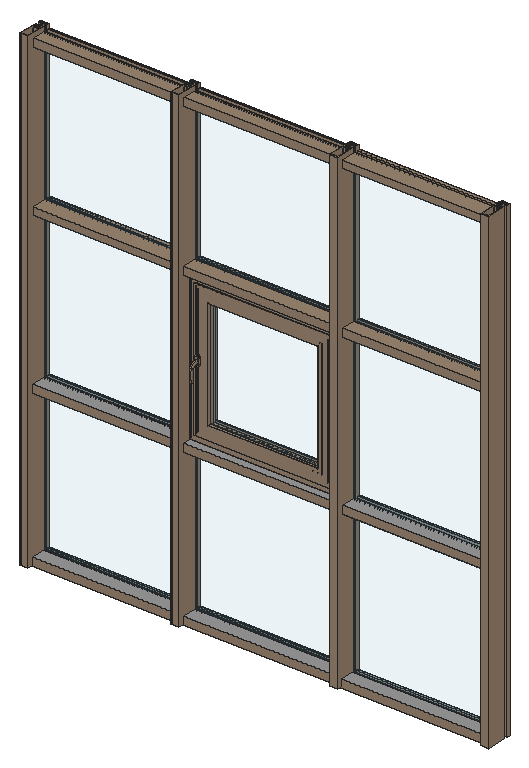
Revit family "2_Витраж со встраиваемым окном_F50", category Двери, Revit 2019 (continued)
Definition of nested family "СТВОРКА V72"
  Dimensions and locks
    aligned and locked: nested 2 to plane 6
    aligned and locked: plane 7 to nested 4
    aligned and locked: plane 2 "Bottom" to Extrusion 1
    aligned and locked: Sweep 2 sketch curve to plane 12
    aligned and locked: Sweep 2 sketch curve to Extrusion 1
  Automatic sketch dimensions
    plane 8 to curve 6 = 17.00 mm
    plane 8 to curve 5 = 17.00 mm
    plane 8 to curve 4 = 17.00 mm
    curve 8 to plane 9 = 17.00 mm
    curve 5 to plane 9 = 17.00 mm
    curve 3 to plane 9 = 17.00 mm
    plane 13 to curve 10 = 17.00 mm
    plane 13 to curve 5 = 17.00 mm
    plane 13 to curve 4 = 17.00 mm
    curve 8 to plane 12 = 17.00 mm
    curve 9 to plane 12 = 17.00 mm
    curve 3 to plane 12 = 17.00 mm
    Extrusion 1 sketch curve to plane 3 "Left" = 0.00 mm
    Extrusion 1 sketch curve to plane 5 "Top" = 0.00 mm
    level to Extrusion 1 sketch curve = 0.00 mm
    plane 4 "Right" to Extrusion 1 sketch curve = 0.00 mm
  Nested families
    nested 1: "Ручка" at (300, -81, 877) x (1, 0, 0) z (0, -1, 0), visible <- "Ручка.Сверху", type "Ручка"
    nested 2: "Ручка" at (23, -81, 450) x (0, 0, -1) z (0, -1, 0), visible <- "Ручка.Слева", type "Ручка"
    nested 3: "Ручка" at (577, -81, 450) x (0, 0, -1) z (0, -1, 0), visible <- "Ручка.Справа", type "Ручка"
    nested 4: "Ручка" at (300, -81, 23) x (1, 0, 0) z (0, -1, 0), visible <- "Ручка.Снизу", type "Ручка"
  Definition of nested family "Ручка"
    Parameters (values of type "Ручка")
      Default Elevation = 1219.20 mm
      Ручка = none
      Analytic Construction = "<None>"
    Reference planes
      plane 1 "По центру (Вперед/Назад)": y = 0
      plane 2: z = 0
      plane 3 "По центру (Влево/Вправо)": x = 0
    Forms (mm)
      Extrusion 1, solid
        sketch origin (0, 0, 0) x (1, 0, 0) y (0, 1, 0)
          loop
            line (-1219.2, 1219.2) -> (-1219.2, -1219.2) -> (1219.2, -1219.2) -> (1219.2, 1219.2) -> (-1219.2, 1219.2)
        from 0 to -304.8
      Extrusion 2, solid, material <- "Ручка"
        sketch origin (0, 0, 0) x (1, 0, 0) y (0, 1, 0)
          loop
            arc (-18, 14) -> (-32, 0) -> (-18, -14) r 14
            line (-18, -14) -> (18, -14)
            arc (18, -14) -> (32, 0) -> (18, 14) r 14
            line (18, 14) -> (-18, 14)
        from 2 to 10
      SweptBlend 3, solid, material <- "Ручка"
        path origin (0, 0, 0) x (1, 0, 0) y (0, 0, 1)
          loop
            arc (20.682, 50.862) -> (5.492, 34.011) -> (0, 12) r 46.852
        profile origin (20.682, 0, 50.862) x (0.558567, 0, -0.829459) y (0, -1, 0)
          loop
            line (-6, 5.292) -> (-6, -5.292)
            arc (-6, -5.292) -> (8, 0) -> (-6, 5.292) r 8
        end profile origin (0, 0, 12) x (0, -1, 0) y (1, 0, 0)
          loop
            arc (4.359, -9) -> (0, 10) -> (-4.359, -9) r 10
            line (-4.359, -9) -> (4.359, -9)
      Blend 4, solid, material <- "Ручка"
        base sketch origin (0, 0, 10) x (1, 0, 0) y (0, 1, 0)
          loop
            line (-18, -14) -> (18, -14)
            arc (18, -14) -> (32, 0) -> (18, 14) r 14
            line (18, 14) -> (-18, 14)
            arc (-18, 14) -> (-32, 0) -> (-18, -14) r 14
        top sketch origin (0, 0, 10) x (1, 0, 0) y (0, 1, 0)
          loop
            line (-18, -12) -> (18, -12)
            arc (18, -12) -> (30, 0) -> (18, 12) r 12
            line (18, 12) -> (-18, 12)
            arc (-18, 12) -> (-30, 0) -> (-18, -12) r 12
        from 0 to 2
      Blend 5, solid, material <- "Ручка"
        base sketch origin (0, 0, 2) x (1, 0, 0) y (0, 1, 0)
          loop
            line (-18, -14) -> (18, -14)
            arc (18, -14) -> (32, 0) -> (18, 14) r 14
            line (18, 14) -> (-18, 14)
            arc (-18, 14) -> (-32, 0) -> (-18, -14) r 14
        top sketch origin (0, 0, 2) x (1, 0, 0) y (0, 1, 0)
          loop
            line (-18, -12) -> (18, -12)
            arc (18, -12) -> (30, 0) -> (18, 12) r 12
            line (18, 12) -> (-18, 12)
            arc (-18, 12) -> (-30, 0) -> (-18, -12) r 12
        from 0 to -2
      SweptBlend 6, solid, material <- "Ручка"
        path origin (61.806, 0, 18.443) x (1, 0, 0) y (0, 0, 1)
          loop
            arc (-43.225, 31.526) -> (-2.327, 35.833) -> (38.57, 31.526) r 196.318
        profile origin (18.581, 0, 49.97) x (-0.208324, 0, 0.97806) y (0, -1, 0)
          loop
            line (6, -5.292) -> (6, 5.292)
            arc (6, 5.292) -> (-8, 0) -> (6, -5.292) r 8
        end profile origin (100.377, 0, 49.97) x (0.208324, 0, 0.97806) y (0, -1, 0)
          loop
            line (6, -5.292) -> (6, 5.292)
            arc (6, 5.292) -> (-8, 0) -> (6, -5.292) r 8
    Cuts and joins
      joined: Extrusion 2, Blend 4, Blend 5, SweptBlend 6
    Lines and regions (mm)
      symbolic lines
        curve 1: line (-32, 0, 0) -> (32, 0, 0)
        curve 2: line (0, 14, 0) -> (0, -14, 0)
        curve 3: line (-32, 0, 0) -> (32, 0, 0)
    Dimensions and locks
      aligned and locked: plane 2 to Extrusion 1
      aligned and locked: level to Extrusion 1
